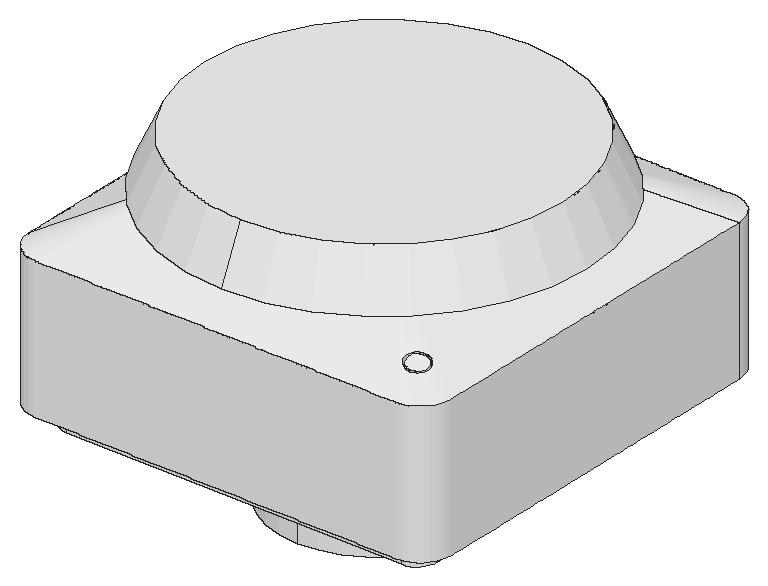
Revit family "VE_Exhaust Unit_F_MEPcontent_ClimaRad_Fan", category Mechanical Equipment, host Face, Revit 2018
Family settings
  Host = Face
  Round Connector Dimension = Use Radius
  Part Type = Normal
  OmniClass Number = 23.75.70.21.31
  OmniClass Title = Exhaust Terminals
  Cut with Voids When Loaded = Yes
  Shared = No
  Room Calculation Point = Yes
Parameters (values of type "K-Fan")
  Width = 210 mm
  Wholesaler Art. No. = ""
  Wholesaler = ""
  White = Color RAL 9016
  Watermarked By = "www.stabiplan.com"
  Voltage = 230.002 V
  URL = "www.stabiplan.com"
  Stabu Code = ""
  Revit Version = "2018"  # constant formula
  Radius = Connection Diameter / 2  # 50 mm
  Product Line = "ClimaRad"
  Power = 15 W
  Model = "K-Fan"
  Maximum Flow = 23.61 L/s
  Manufacturer URL = "http://www.climarad.nl"
  Manufacturer Art. No. = "4510200"
  Manufacturer = "ClimaRad"
  MEPcontent Class = "EXHAUST_UNIT"  # constant formula
  Length = 210 mm
  Internal Art. No. = ""
  IFCExportType [instance] = "NOTDEFINED"  # constant formula
  IFCExportAs = "IfcAirTerminalBoxType"  # constant formula
  Height = 122 mm
  GTIN = ""
  Function Code [instance] = ""
  Flow [instance] = 0.0 L/s
  Family Version = "11.14"  # constant formula
  ETIM Article Class = "EC010004"
  EMCS Version = "3.0"  # constant formula
  Description = "Exhaust fan"
  Default Elevation = 0 mm
  Custom = no
  Copyright = "© Stabiplan International BV"  # constant formula
  Content Supplier URL = "www.MEPcontent.com"
  Connection Diameter = 100 mm
  Capacity [instance] = 0
  CB-NL Class = ""
  Article Type = "K-Fan"
  Article Description = "Exhaust fan"
Types (4, lengths in mm): name | Model | Manufacturer Art. No. | Article Type
  (no name) | "B-Fan" | "4510100" | "B-Fan"
  B-Fan | "B-Fan" | "4510100" | "B-Fan"
  K-Fan | "K-Fan" | "4510200" | "K-Fan"
  T-Fan | "T-Fan" | "4510300" | "T-Fan"
Reference planes
  plane 1 "Center (Front/Back)": y = 0
  plane 2: z = 0
  plane 3 "Center (Left/Right)": x = 0
  plane 4: z = 79.4
Forms (mm)
  Extrusion 1, solid, detail levels coarse+medium
    sketch origin (0, 0, 0) x (1, 0, 0) y (0, 1, 0)
      loop
        spline (104.869, 89) -> (96.676, 102.889) -> (80.099, 104.869) -> (63.189, 104.869) -> (46.279, 104.869) -> (29.369, 104.869) -> (12.459, 104.869) -> (-4.451, 104.869) -> (-21.361, 104.869) -> (-38.27, 104.869) -> (-55.18, 104.869) -> (-72.09, 104.869) -> (-89, 104.869)
        spline (-89, 104.869) -> (-102.889, 96.676) -> (-104.869, 80.099) -> (-104.869, 63.189) -> (-104.869, 46.279) -> (-104.869, 29.369) -> (-104.869, 12.459) -> (-104.869, -4.451) -> (-104.869, -21.361) -> (-104.869, -38.27) -> (-104.869, -55.18) -> (-104.869, -72.09) -> (-104.869, -89)
        spline (-104.869, -89) -> (-80.096, -104.869) -> (-46.277, -104.869) -> (-12.457, -104.869) -> (21.362, -104.869) -> (55.182, -104.869) -> (89.001, -104.869) -> (104.869, -80.097) -> (104.869, -46.278) -> (104.869, -12.458) -> (104.869, 21.361) -> (104.869, 55.181) -> (104.869, 89)
    from 0 to 122
  Extrusion 2, solid, material "Color RAL 9016" <- "White", detail levels fine
    sketch origin (0, 0, 0) x (1, 0, 0) y (0, 1, 0)
      loop
        spline (-104.869, -89) -> (-80.096, -104.869) -> (-46.277, -104.869) -> (-12.457, -104.869) -> (21.362, -104.869) -> (55.182, -104.869) -> (89.001, -104.869) -> (104.869, -80.097) -> (104.869, -46.278) -> (104.869, -12.458) -> (104.869, 21.361) -> (104.869, 55.181) -> (104.869, 89)
        spline (104.869, 89) -> (96.676, 102.889) -> (80.099, 104.869) -> (63.189, 104.869) -> (46.279, 104.869) -> (29.369, 104.869) -> (12.459, 104.869) -> (-4.451, 104.869) -> (-21.361, 104.869) -> (-38.27, 104.869) -> (-55.18, 104.869) -> (-72.09, 104.869) -> (-89, 104.869)
        spline (-89, 104.869) -> (-102.889, 96.676) -> (-104.869, 80.099) -> (-104.869, 63.189) -> (-104.869, 46.279) -> (-104.869, 29.369) -> (-104.869, 12.459) -> (-104.869, -4.451) -> (-104.869, -21.361) -> (-104.869, -38.27) -> (-104.869, -55.18) -> (-104.869, -72.09) -> (-104.869, -89)
    from 10 to 79.4
  Extrusion 3, solid, material "Color RAL 9016" <- "White", detail levels fine
    sketch origin (0, 0, 0) x (1, 0, 0) y (0, 1, 0)
      loop
        arc (-83, 93) -> (-90.071, 90.071) -> (-93, 83) r 10
        line (-93, 83) -> (-93, -83)
        arc (-93, -83) -> (-90.071, -90.071) -> (-83, -93) r 10
        line (-83, -93) -> (83, -93)
        arc (83, -93) -> (90.071, -90.071) -> (93, -83) r 10
        line (93, -83) -> (93, 83)
        arc (93, 83) -> (90.071, 90.071) -> (83, 93) r 10
        line (83, 93) -> (-83, 93)
      loop
        circle (-83, 83) r 2.363
      loop
        circle (47, 83) r 2.363
      loop
        circle (67, -67) r 2.363
      loop
        circle (-83, -47) r 2.363
    from 0 to 10
  Blend 4, solid, material "Color RAL 9016" <- "White", detail levels fine
    base sketch origin (0, 0, 0) x (1, 0, 0) y (0, 1, 0)
      loop
        circle (0, 0) r 88.901
    top sketch origin (0, 0, 0) x (1, 0, 0) y (0, 1, 0)
      loop
        circle (0, 0) r 100.448
    from 122 to 96.394
  Extrusion 5, solid, material "Color RAL 9016" <- "White", detail levels fine
    sketch origin (0, 0, 0) x (1, 0, 0) y (0, 1, 0)
      loop
        circle (18.635, 69.547) r 10.965
      loop
        circle (50.912, -50.912) r 10.965
      loop
        circle (-69.547, -18.635) r 10.965
    from 79.4 to 102.077
  Extrusion 6, solid, material "Color RAL 9016" <- "White", detail levels fine
    sketch origin (0, 0, 0) x (1, 0, 0) y (0, 1, 0)
      loop
        circle (-18, 18) r 45.28
      loop
        circle (-18, 18) r 49
    from 0 to -53.5
  Extrusion 7, void
    sketch origin (0, 0, 0) x (1, 0, 0) y (0, 1, 0)
      loop
        circle (83, -83) r 5.004
      loop
        circle (83, -83) r 6
    from 77.133 to 100.177
  Blend 8, solid, material "Color RAL 9016" <- "White", detail levels fine
    base sketch origin (0, 0, 0) x (1, 0, 0) y (0, 1, 0)
      loop
        spline (-67.854, 72.587) -> (-73.28, 69.398) -> (-74.049, 60.341) -> (-74.049, 48.806) -> (-74.049, 37.27) -> (-74.049, 25.735) -> (-74.049, 14.2) -> (-74.049, 2.665) -> (-74.049, -8.87) -> (-74.049, -20.405) -> (-74.049, -31.941) -> (-74.049, -43.476) -> (-74.049, -54.99)
        spline (-74.049, -54.99) -> (-61.802, -61.185) -> (-38.731, -61.185) -> (-15.661, -61.185) -> (7.409, -61.185) -> (30.479, -61.185) -> (53.528, -61.185) -> (59.723, -48.938) -> (59.723, -25.868) -> (59.723, -2.798) -> (59.723, 20.273) -> (59.723, 43.343) -> (59.723, 66.392)
        spline (59.723, 66.392) -> (56.534, 71.818) -> (47.476, 72.587) -> (35.941, 72.587) -> (24.406, 72.587) -> (12.871, 72.587) -> (1.336, 72.587) -> (-10.199, 72.587) -> (-21.735, 72.587) -> (-33.27, 72.587) -> (-44.805, 72.587) -> (-56.34, 72.587) -> (-67.854, 72.587)
    top sketch origin (0, 0, 0) x (1, 0, 0) y (0, 1, 0)
      loop
        spline (104.869, 89) -> (96.676, 102.889) -> (80.099, 104.869) -> (63.189, 104.869) -> (46.279, 104.869) -> (29.369, 104.869) -> (12.459, 104.869) -> (-4.451, 104.869) -> (-21.361, 104.869) -> (-38.27, 104.869) -> (-55.18, 104.869) -> (-72.09, 104.869) -> (-89, 104.869)
        spline (-89, 104.869) -> (-102.889, 96.676) -> (-104.869, 80.099) -> (-104.869, 63.189) -> (-104.869, 46.279) -> (-104.869, 29.369) -> (-104.869, 12.459) -> (-104.869, -4.451) -> (-104.869, -21.361) -> (-104.869, -38.27) -> (-104.869, -55.18) -> (-104.869, -72.09) -> (-104.869, -89)
        spline (-104.869, -89) -> (-80.096, -104.869) -> (-46.277, -104.869) -> (-12.457, -104.869) -> (21.362, -104.869) -> (55.182, -104.869) -> (89.001, -104.869) -> (104.869, -80.097) -> (104.869, -46.278) -> (104.869, -12.458) -> (104.869, 21.361) -> (104.869, 55.181) -> (104.869, 89)
    from 93.157 to 79.4
Cuts and joins
  Extrusion 7 cuts Extrusion 3
  Extrusion 7 cuts Extrusion 2
  joined: Extrusion 2, Blend 4, Extrusion 5
  Extrusion 7 cuts Blend 8
Dimensions and locks
  aligned and locked: plane 2 to host face
  aligned and locked: level to host face
  aligned and locked: Extrusion 1 to level
  aligned and locked: Blend 8 to cut or joined group of Extrusion 2, Blend 4, Extrusion 5, Extrusion 7
Connectors
  hvac at (-18, 18, 0), driven by "Flow", driven by "Radius"
    settings: on Extrusion 6, index 4, duct flow 0.0 L/s, flow factor 0, pres drop 0.0 Pa, loss coef 0, conn angle 0.00°, conn width 304.8 mm, conn height 304.8 mm, conn diameter 100 mm, duct sys type 3, conn prof type 0, flow config 1, flow direction 2, loss method 0, conn ref index -1, conn util no, is conn primary yes, conn desc "Exhaust Air"
  electrical at (0, 0, 0), driven by "Voltage", driven by "Power"
    settings: on cut or joined group of Extrusion 3, Extrusion 7, index 5, voltage 230.002 V, apparent load 15 VA, apparent load phase1 0 VA, apparent load phase2 0 VA, apparent load phase3 0 VA, power factor 1, load classification "Other", number of poles 1, system type 30, power factor state 1, is connector primary yes, connector utility no, sub classification motor no, connector description "Power - Balanced"
